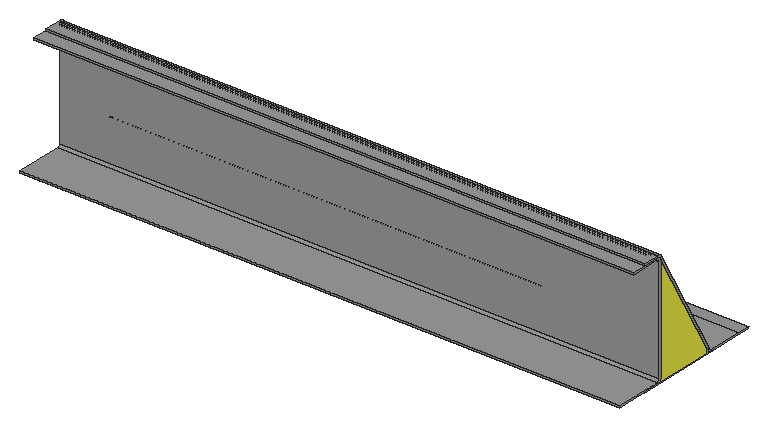
Revit family "XCFS K 130", category Generic Models, Revit 2014
Parameters (values of type "Max lintel length 4800mm")
  URL = "http://www.keystonelintels.co.uk"
  Structural Opening [instance] = 900 mm
  Structural Performance = "The Keystone lintel range has safe working loads as detailed in each applicable loading table in the Keystone Lintel Guide brochure. The structural performance figures within each table have been ascertained by testing in accordance with the requirements of standards BS EN 5977-2: 1983 and BS EN 845-2: 2003."
  RIBA Productor Selector = "available for Keystone Lintels Ltd from Keystone Lintels Ltd from ribaproductselector.com"
  Model = "XCFS/K 130"
  Min Length = 600 mm
  Min Clear Span = 300 mm
  Max Length = 4800 mm
  Max Clear Span = 4800 mm
  Material - Stainless Steel = "Grade 304 2b 1.4307 to BS EN 10088-2. Other grades available on request: contact manufacturer."
  Material - Galvanised Steel = "To BS EN 10346: 2009. DX51D plus Z600 or grade Z275 to BS 5977-2: 1983 (BS EN 845-2: 2003)."
  Manufacturer = "Keystone"
  Manufactured Length [instance] = (roundup(Effective Length / 150 mm) * 150 mm)  # 1200 mm
  Lintel height [instance] = 2100 mm
  Keynote = "F30/755"
  Fire Performance = "Keystone lintels have been subjected to a fire test (WARRES No. 101263) in accordance with BS 476-20: 1987, at Exova Warrington Fire and achieved a one hour fire performance."
  End Bearing = 150 mm
  Effective Length [instance] = Clear Opening with MIN MAX set + End Bearing * 2  # 1200 mm
  Corrosion = "Keystone’s standard range of lintels are manufactured from high quality grade pre-galvanized carbon steel with a zinc coating of 600"
  Contact Tel = "+44 (0)28 8676 2184"
  Contact Email = "info@keystonelintels.co.uk"
  Clear Opening with MIN MAX set [instance] = if(Structural Opening < Min Clear Span, Min Clear Span, (if(Structural Opening > Max Clear Span, Max Clear Span, Structural Opening)))  # 900 mm
  CPD Information = "Available for Keystone Lintels Ltd from ribacpd.com"
Reference planes
  plane 1 "Center (Front/Back)": y = 0
  plane 2: z = 0
  plane 3 "Center (Left/Right)": x = 0
  plane 4: x = -600
  plane 5: x = 600
  plane 6: z = 2100
  plane 7: x = -450
  plane 8: x = 450
Forms (mm)
  Extrusion 1, solid, material "Steel"
    sketch origin (0, 715.785, -496.245) x (0, 1, 0) y (0, 0, 1)
      loop
        line (-555.61, 2595.34) -> (-555.494, 2598.538) -> (-580.525, 2599.445) -> (-650.538, 2599.445)
        arc (-650.538, 2599.445) -> (-651.408, 2599.685) -> (-652.033, 2600.337) r 1.7
        line (-652.033, 2600.337) -> (-773.904, 2822.512)
        arc (-773.904, 2822.512) -> (-775.816, 2824.505) -> (-778.479, 2825.238) r 5.2
        line (-778.479, 2825.238) -> (-813.479, 2825.238) -> (-813.479, 2822.031) -> (-778.475, 2822.031)
        arc (-778.475, 2822.031) -> (-777.456, 2821.752) -> (-776.721, 2820.993) r 2
        line (-776.721, 2820.993) -> (-654.848, 2598.815)
        arc (-654.848, 2598.815) -> (-653.047, 2596.936) -> (-650.538, 2596.245) r 4.9
        line (-650.538, 2596.245) -> (-580.583, 2596.245) -> (-555.61, 2595.34)
    from -600 to 600
  Extrusion 2, solid, material "Steel"
    sketch origin (0, 716.085, -496.238) x (0, 1, 0) y (0, 0, 1)
      loop
        arc (-783.478, 2596.238) -> (-777.892, 2598.552) -> (-775.578, 2604.138) r 7.9
        line (-775.578, 2604.138) -> (-775.578, 2814.131)
        arc (-775.578, 2814.131) -> (-777.892, 2819.717) -> (-783.478, 2822.031) r 7.9
        line (-783.478, 2822.031) -> (-843.478, 2822.031) -> (-843.478, 2818.831) -> (-783.778, 2818.831)
        arc (-783.778, 2818.831) -> (-780.243, 2817.367) -> (-778.778, 2813.831) r 5
        line (-778.778, 2813.831) -> (-778.778, 2604.138)
        arc (-778.778, 2604.138) -> (-780.155, 2600.815) -> (-783.478, 2599.438) r 4.7
        line (-783.478, 2599.438) -> (-878.478, 2599.438) -> (-878.478, 2596.238) -> (-783.478, 2596.238)
    from -600 to 600
  Extrusion 3, solid, material "Steel"
    sketch origin (0, 715.785, -496.244) x (0, 1, 0) y (0, 0, 1)
      loop
        line (-815.826, 2595.244) -> (-640.826, 2595.244) -> (-640.826, 2596.244) -> (-657.826, 2596.244) -> (-657.826, 2604.244) -> (-658.826, 2604.244) -> (-658.826, 2596.244) -> (-815.826, 2596.244) -> (-815.826, 2595.244)
    from -600 to 600
  Extrusion 4, solid, material "Insulation"
    sketch origin (0, 715.785, -496.244) x (0, 1, 0) y (0, 0, 1)
      loop
        arc (-650.538, 2596.244) -> (-653.047, 2596.936) -> (-654.848, 2598.815) r 4.9
        line (-654.848, 2598.815) -> (-776.721, 2820.993)
        arc (-776.721, 2820.993) -> (-777.456, 2821.752) -> (-778.475, 2822.031) r 2
        line (-778.475, 2822.031) -> (-783.478, 2822.031)
        arc (-783.478, 2822.031) -> (-777.892, 2819.717) -> (-775.578, 2814.131) r 7.9
        line (-775.578, 2814.131) -> (-775.578, 2604.138)
        arc (-775.578, 2604.138) -> (-777.787, 2598.659) -> (-783.178, 2596.244) r 7.9
        line (-783.178, 2596.244) -> (-658.826, 2596.244) -> (-658.826, 2604.244) -> (-657.826, 2603.926) -> (-657.826, 2596.244) -> (-650.538, 2596.244)
    from -600 to 600
  Extrusion 5, solid, not visible
    sketch origin (0, 1003.411, 1343.077) x (0, 1, 0) y (0, 0, 1)
      loop
        line (-555.61, 995.34) -> (-555.494, 998.538) -> (-580.525, 999.445) -> (-650.538, 999.445)
        arc (-650.538, 999.445) -> (-651.408, 999.685) -> (-652.033, 1000.337) r 1.7
        line (-652.033, 1000.337) -> (-773.904, 1222.512)
        arc (-773.904, 1222.512) -> (-775.816, 1224.505) -> (-778.479, 1225.238) r 5.2
        line (-778.479, 1225.238) -> (-813.479, 1225.238) -> (-813.479, 1222.031) -> (-778.475, 1222.031)
        arc (-778.475, 1222.031) -> (-777.456, 1221.752) -> (-776.721, 1220.993) r 2
        line (-776.721, 1220.993) -> (-654.848, 998.815)
        arc (-654.848, 998.815) -> (-653.047, 996.936) -> (-650.538, 996.245) r 4.9
        line (-650.538, 996.245) -> (-580.583, 996.245) -> (-555.61, 995.34)
    from 0 to 250
  Extrusion 6, solid, not visible
    sketch origin (0, 678.929, 1410.435) x (0, 1, 0) y (0, 0, 1)
      loop
        arc (-783.478, 996.238) -> (-777.892, 998.552) -> (-775.578, 1004.138) r 7.9
        line (-775.578, 1004.138) -> (-775.578, 1214.131)
        arc (-775.578, 1214.131) -> (-777.892, 1219.717) -> (-783.478, 1222.031) r 7.9
        line (-783.478, 1222.031) -> (-843.478, 1222.031) -> (-843.478, 1218.831) -> (-783.778, 1218.831)
        arc (-783.778, 1218.831) -> (-780.243, 1217.367) -> (-778.778, 1213.831) r 5
        line (-778.778, 1213.831) -> (-778.778, 1004.138)
        arc (-778.778, 1004.138) -> (-780.155, 1000.815) -> (-783.478, 999.438) r 4.7
        line (-783.478, 999.438) -> (-878.478, 999.438) -> (-878.478, 996.238) -> (-783.478, 996.238)
    from 0 to 250
  Extrusion 7, solid, not visible
    sketch origin (0, 1052.409, 989.281) x (0, 1, 0) y (0, 0, 1)
      loop
        line (-815.826, 995.244) -> (-640.826, 995.244) -> (-640.826, 996.244) -> (-657.826, 996.244) -> (-657.826, 1004.244) -> (-658.826, 1004.244) -> (-658.826, 996.244) -> (-815.826, 996.244) -> (-815.826, 995.244)
    from 0 to 250
  Extrusion 8, solid, not visible
    sketch origin (0, 558.441, 851.608) x (0, 1, 0) y (0, 0, 1)
      loop
        arc (-650.538, 996.244) -> (-653.047, 996.936) -> (-654.848, 998.815) r 4.9
        line (-654.848, 998.815) -> (-776.721, 1220.993)
        arc (-776.721, 1220.993) -> (-777.456, 1221.752) -> (-778.475, 1222.031) r 2
        line (-778.475, 1222.031) -> (-783.478, 1222.031)
        arc (-783.478, 1222.031) -> (-777.892, 1219.717) -> (-775.578, 1214.131) r 7.9
        line (-775.578, 1214.131) -> (-775.578, 1004.138)
        arc (-775.578, 1004.138) -> (-777.787, 998.659) -> (-783.178, 996.244) r 7.9
        line (-783.178, 996.244) -> (-658.826, 996.244) -> (-658.826, 1004.244) -> (-657.826, 1003.926) -> (-657.826, 996.244) -> (-650.538, 996.244)
    from 0 to 250
Dimensions and locks
  equal spacing: plane 4, plane 3 "Center (Left/Right)", plane 5
  "Manufactured Length": plane 4 to plane 5
  "Lintel height": plane 6 to level
  "Structural Opening": plane 7 to plane 8
  equal spacing: plane 7, plane 3 "Center (Left/Right)", plane 8
  aligned and locked: level to plane 2
  aligned and locked: Extrusion 1 to plane 6
  aligned and locked: Extrusion 4 to plane 6
  aligned and locked: plane 6 to Extrusion 3
  aligned and locked: Extrusion 2 to plane 6
  aligned and locked: plane 5 to Extrusion 3
  aligned and locked: Extrusion 3 to plane 4
  aligned and locked: plane 5 to Extrusion 2
  aligned and locked: Extrusion 2 to plane 4
  aligned and locked: plane 5 to Extrusion 1
  aligned and locked: Extrusion 1 to plane 4
  aligned and locked: plane 5 to Extrusion 4
  aligned and locked: Extrusion 4 to plane 4
Automatic sketch dimensions
  Extrusion 1 sketch curve to Extrusion 1 sketch curve = 24.973 mm
  Extrusion 1 sketch curve to Extrusion 1 sketch curve = 0.116 mm
  Extrusion 1 sketch curve to Extrusion 1 sketch curve = 0.905 mm
  Extrusion 1 sketch curve to Extrusion 1 sketch curve = 0.058 mm
  Extrusion 1 sketch curve to Extrusion 1 sketch curve = 69.955 mm
  Extrusion 1 sketch curve to Extrusion 1 sketch curve = 0 mm  (x4)
  Extrusion 1 sketch curve to Extrusion 1 sketch curve = 1.7 mm
  Extrusion 1 sketch curve to Extrusion 1 sketch curve = 1.495 mm
  Extrusion 1 sketch curve to Extrusion 1 sketch curve = 2.815 mm
  Extrusion 1 sketch curve to Extrusion 1 sketch curve = 121.871 mm
  Extrusion 1 sketch curve to Extrusion 1 sketch curve = 222.175 mm
  Extrusion 1 sketch curve to Extrusion 1 sketch curve = 2.817 mm
  Extrusion 1 sketch curve to Extrusion 1 sketch curve = 1.519 mm
  Extrusion 1 sketch curve to Extrusion 1 sketch curve = 1.754 mm
  Extrusion 1 sketch curve to Extrusion 1 sketch curve = 0.962 mm
  Extrusion 1 sketch curve to Extrusion 1 sketch curve = 35.004 mm
  Extrusion 1 sketch curve to Extrusion 1 sketch curve = 0.004 mm
  Extrusion 1 sketch curve to Extrusion 1 sketch curve = 0.007 mm
  Extrusion 2 sketch curve to Extrusion 2 sketch curve = 95 mm
  Extrusion 2 sketch curve to Extrusion 2 sketch curve = 3.2 mm
  Extrusion 2 sketch curve to Extrusion 2 sketch curve = 4.7 mm  (x2)
  Extrusion 2 sketch curve to Extrusion 2 sketch curve = 0 mm  (x4)
  Extrusion 2 sketch curve to Extrusion 2 sketch curve = 209.693 mm
  Extrusion 2 sketch curve to Extrusion 2 sketch curve = 0.3 mm  (x2)
  Extrusion 2 sketch curve to Extrusion 2 sketch curve = 59.7 mm
  Extrusion 3 sketch curve to Extrusion 3 sketch curve = 175 mm
  Extrusion 3 sketch curve to Extrusion 3 sketch curve = 1 mm  (x2)
  Extrusion 3 sketch curve to Extrusion 3 sketch curve = 17 mm
  Extrusion 3 sketch curve to Extrusion 3 sketch curve = 8 mm
  Extrusion 3 sketch curve to Extrusion 3 sketch curve = 0 mm
  Extrusion 4 sketch curve to Extrusion 4 sketch curve = 0 mm  (x4)
  Extrusion 4 sketch curve to Extrusion 4 sketch curve = 0.3 mm
  Extrusion 4 sketch curve to Extrusion 4 sketch curve = 5.004 mm
  Extrusion 4 sketch curve to Extrusion 4 sketch curve = 1.754 mm
  Extrusion 4 sketch curve to Extrusion 4 sketch curve = 7.9 mm
  Extrusion 4 sketch curve to Extrusion 4 sketch curve = 116.752 mm
  Extrusion 4 sketch curve to Extrusion 4 sketch curve = 1 mm
  Extrusion 4 sketch curve to Extrusion 4 sketch curve = 2.978 mm
  Extrusion 4 sketch curve to Extrusion 4 sketch curve = 4.31 mm
  Extrusion 4 sketch curve to Extrusion 4 sketch curve = 2.571 mm
  Extrusion 4 sketch curve to Extrusion 4 sketch curve = 2.331 mm
  Extrusion 4 sketch curve to Extrusion 4 sketch curve = 5.429 mm
  Extrusion 4 sketch curve to Extrusion 4 sketch curve = 209.993 mm
  Extrusion 4 sketch curve to Extrusion 4 sketch curve = 2 mm
  Extrusion 4 sketch curve to Extrusion 4 sketch curve = 0.962 mm
  Extrusion 4 sketch curve to Extrusion 4 sketch curve = 0.318 mm
  Extrusion 5 sketch curve to Extrusion 5 sketch curve = 24.973 mm
  Extrusion 5 sketch curve to Extrusion 5 sketch curve = 0.116 mm
  Extrusion 5 sketch curve to Extrusion 5 sketch curve = 0.905 mm
  Extrusion 5 sketch curve to Extrusion 5 sketch curve = 0.058 mm
  Extrusion 5 sketch curve to Extrusion 5 sketch curve = 69.955 mm
  Extrusion 5 sketch curve to Extrusion 5 sketch curve = 0 mm  (x4)
  Extrusion 5 sketch curve to Extrusion 5 sketch curve = 1.7 mm
  Extrusion 5 sketch curve to Extrusion 5 sketch curve = 1.495 mm
  Extrusion 5 sketch curve to Extrusion 5 sketch curve = 2.815 mm
  Extrusion 5 sketch curve to Extrusion 5 sketch curve = 121.871 mm
  Extrusion 5 sketch curve to Extrusion 5 sketch curve = 222.175 mm
  Extrusion 5 sketch curve to Extrusion 5 sketch curve = 2.817 mm
  Extrusion 5 sketch curve to Extrusion 5 sketch curve = 1.519 mm
  Extrusion 5 sketch curve to Extrusion 5 sketch curve = 1.754 mm
  Extrusion 5 sketch curve to Extrusion 5 sketch curve = 0.962 mm
  Extrusion 5 sketch curve to Extrusion 5 sketch curve = 35.004 mm
  Extrusion 5 sketch curve to Extrusion 5 sketch curve = 0.004 mm
  Extrusion 5 sketch curve to Extrusion 5 sketch curve = 0.007 mm
  Extrusion 6 sketch curve to Extrusion 6 sketch curve = 95 mm
  Extrusion 6 sketch curve to Extrusion 6 sketch curve = 3.2 mm
  Extrusion 6 sketch curve to Extrusion 6 sketch curve = 4.7 mm  (x2)
  Extrusion 6 sketch curve to Extrusion 6 sketch curve = 0 mm  (x4)
  Extrusion 6 sketch curve to Extrusion 6 sketch curve = 209.693 mm
  Extrusion 6 sketch curve to Extrusion 6 sketch curve = 0.3 mm  (x2)
  Extrusion 6 sketch curve to Extrusion 6 sketch curve = 59.7 mm
  Extrusion 7 sketch curve to Extrusion 7 sketch curve = 175 mm
  Extrusion 7 sketch curve to Extrusion 7 sketch curve = 1 mm  (x2)
  Extrusion 7 sketch curve to Extrusion 7 sketch curve = 17 mm
  Extrusion 7 sketch curve to Extrusion 7 sketch curve = 8 mm
  Extrusion 7 sketch curve to Extrusion 7 sketch curve = 0 mm
  Extrusion 8 sketch curve to Extrusion 8 sketch curve = 0 mm  (x4)
  Extrusion 8 sketch curve to Extrusion 8 sketch curve = 0.3 mm
  Extrusion 8 sketch curve to Extrusion 8 sketch curve = 5.004 mm
  Extrusion 8 sketch curve to Extrusion 8 sketch curve = 1.754 mm
  Extrusion 8 sketch curve to Extrusion 8 sketch curve = 7.9 mm
  Extrusion 8 sketch curve to Extrusion 8 sketch curve = 116.752 mm
  Extrusion 8 sketch curve to Extrusion 8 sketch curve = 1 mm
  Extrusion 8 sketch curve to Extrusion 8 sketch curve = 2.978 mm
  Extrusion 8 sketch curve to Extrusion 8 sketch curve = 4.31 mm
  Extrusion 8 sketch curve to Extrusion 8 sketch curve = 2.571 mm
  Extrusion 8 sketch curve to Extrusion 8 sketch curve = 2.331 mm
  Extrusion 8 sketch curve to Extrusion 8 sketch curve = 5.429 mm
  Extrusion 8 sketch curve to Extrusion 8 sketch curve = 209.993 mm
  Extrusion 8 sketch curve to Extrusion 8 sketch curve = 2 mm
  Extrusion 8 sketch curve to Extrusion 8 sketch curve = 0.962 mm
  Extrusion 8 sketch curve to Extrusion 8 sketch curve = 0.318 mm
  Extrusion 1 sketch curve to plane 6 = 0 mm
  plane 1 "Center (Front/Back)" to Extrusion 1 sketch curve = 97.694 mm
  Extrusion 2 sketch curve to plane 6 = 0 mm
  plane 1 "Center (Front/Back)" to Extrusion 2 sketch curve = 162.394 mm
  Extrusion 4 sketch curve to plane 6 = 0 mm
  plane 1 "Center (Front/Back)" to Extrusion 4 sketch curve = 67.694 mm
  Extrusion 3 sketch curve to plane 6 = 0 mm
  plane 1 "Center (Front/Back)" to Extrusion 3 sketch curve = 100.042 mm
